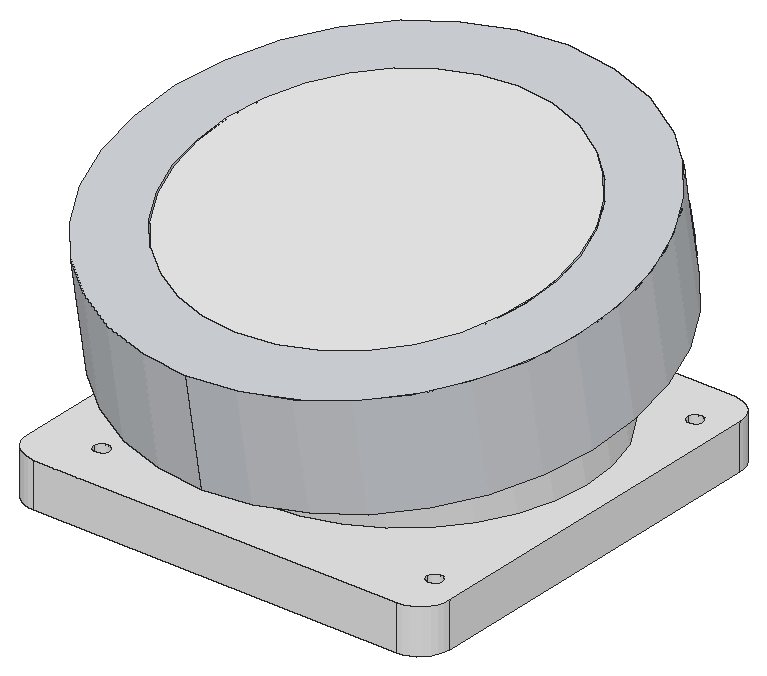
Revit family "Building-IEC309Connections-GEWISS-IEC309HP-10°_FLUSH-MOUNT_SOCKET_125A_IP66-67", category Apparecchi elettrici, host Superficie, Revit 2019
Family settings
  Host = Superficie
  Mantenere orientamento annotazione = Sì
  Quota connettore circolare = Usa diametro
  Tipo di parte = Normale
  Taglio con vuoti quando caricato = No
  Condiviso = Sì
  Punto di calcolo locali = Sì
Parameters (values of type "GW68786 - WT. SOCKET 125A 3P+N+E 400V AUX. CONT.")
  simbolo acceso [instance] = yes
  distanza_simbolo [instance] = 1 mm
  distanza dal piano [instance] = 0 mm
  W = 115 mm  # constant formula
  Version file RFA = "21.11"
  URL = "https://www.gewiss.com/ww/en"
  Typology = "10° angled flush-mounting socket-outlet"
  Type of wiring = "With screw"
  Type of material = ""
  Total number of operations = "-500"
  Thermo-pressure with ball = "125 °C (active parts) - 80 °C (passive parts)"
  Terminal tightening capacity = "16-50mm² flexible cables - 25-70mm² rigid cables"
  Technical sheet = "https://www.gewiss.com/ww/en/search?q=GW68786"
  Spostamento_effettivo_S [instance] = 4000 mm - Spostamento_S  # 3057 mm
  Spostamento_S = 943 mm
  Sportello_visibile = yes
  Shock resistance = "IK08"
  SPinotto = Default(2)
  SEO = "Socket outlet"
  Reference h = "6"
  Realized by GEWISS S.p.A. = ""
  Rated voltage: = ""
  Rated voltage = "380-415V"
  Rated current (A) = "125"
  Default Elevation = 1219.2 mm
  Produttore = "GEWISS S.p.A."
  Piastra = Default(2)
  Operating temperature: = "-25 +55 °C"
  No. of poles = "3P+N+E"
  Modello = "GW68786"
  L = 155 mm  # constant formula
  Insulation resistance = "- 10 M?"
  Immagine tipo = <Nessuno>
  IP degree = "IP67"
  IDT = "f8cfd48370014e8f8fb3c269094b72df"
  IDF = "d570d9ae-38ca-4fd7-91b8-255d427c8406"
  Glow wire test: = "850 °C (active parts) - 650 °C (passive parts)"
  Frequency = "50/60 Hz"
  Flange dimensions (mm) = "114x114"
  FORMULA = 1000 mm * 1  # 1000 mm
  Electrocod = "2211"
  Descrizione = "WT. SOCKET 125A 3P+N+E 400V AUX. CONT."
  Cover dimensions mm = "114x114"
  Corpo centrale = Default(2)
  Colour: = "Red"
  Characteristics = ""
  Catalogue = "BUILDING"
  COBie.Tagnumber = ""
  COBie.CreatedOn = ""
  COBie.CreatebBy = ""
  COBie.ComponentRegisterItemID = ""
  COBie.Component.TagNumber = ""
  COBie.Component.Space = ""
  COBie.Component.SerialNumber = ""
  COBie.Component.InstallationDate = ""
  COBie.Component.Description = ""
  COBie.Component.BarCode = ""
  Breaking capacity at 1.1 Un = "156A"
  BLOCCO = "B=C"
Types (26, lengths in mm): name | Type of wiring | Type of material | Technical sheet | Shock resistance | Reference h | Rated voltage: | Rated voltage | No. of poles | Modello | Immagine tipo | IP degree | IDT | Frequency | Descrizione | Cover dimensions mm | Colour: | Characteristics
  GW62257H - 10°FLUSH.S.O.HP IP67 3P+E 125A 110V 4H | "Mantle terminal" | "Halogen-free in compliance with EN 60754-2" | "https://www.gewiss.com/ww/en/search?q=GW62257H" | "IK09" | "4" | "100 - 130 V" | "" | "3P+E" | "GW62257H" | (empty or 0) | "IP66/IP67" | "9153929fd0f244bbb7c9858763fbe53b" | "50/60 Hz" | "10°FLUSH.S.O.HP IP67 3P+E 125A 110V 4H" | "" | "Yellow" | ""
  GW62258H - 10°FLUSH.S.O.HP IP67 3P+N+E 125A 110V 4H | "Mantle terminal" | "Halogen-free in compliance with EN 60754-2" | "https://www.gewiss.com/ww/en/search?q=GW62258H" | "IK09" | "4" | "100 - 130 V" | "" | "3P+N+E" | "GW62258H" | (empty or 0) | "IP66/IP67" | "18d81827e2834a4eba426d7bd53ed8b3" | "50/60 Hz" | "10°FLUSH.S.O.HP IP67 3P+N+E 125A 110V 4H" | "" | "Yellow" | ""
  GW62259H - 10°FLUSH.S.O.HP IP67 3P+E 125A 230V 9H | "Mantle terminal" | "Halogen-free in compliance with EN 60754-2" | "https://www.gewiss.com/ww/en/search?q=GW62259H" | "IK09" | "9" | "200 - 250 V" | "" | "3P+E" | "GW62259H" | (empty or 0) | "IP66/IP67" | "4e8848fd1a2944289d5955f933e39c62" | "50/60 Hz" | "10°FLUSH.S.O.HP IP67 3P+E 125A 230V 9H" | "" | "Blue" | ""
  GW62260H - 10°FLUSH.S.O.HP IP67 3P+N+E 125A 230V 9H | "Mantle terminal" | "Halogen-free in compliance with EN 60754-2" | "https://www.gewiss.com/ww/en/search?q=GW62260H" | "IK09" | "9" | "200 - 250 V" | "" | "3P+N+E" | "GW62260H" | (empty or 0) | "IP66/IP67" | "7e911d1188d44f49b4206f9dc5ea3ef3" | "50/60 Hz" | "10°FLUSH.S.O.HP IP67 3P+N+E 125A 230V 9H" | "" | "Blue" | ""
  GW62261H - 10°FLUSH.S.O.HP IP67 3P+E 125A 400V 6H | "Mantle terminal" | "Halogen-free in compliance with EN 60754-2" | "https://www.gewiss.com/ww/en/search?q=GW62261H" | "IK09" | "6" | "380 - 415 V" | "" | "3P+E" | "GW62261H" | (empty or 0) | "IP66/IP67" | "d2c81ab0fa1943a09309a98ce7eb34b2" | "50/60 Hz" | "10°FLUSH.S.O.HP IP67 3P+E 125A 400V 6H" | "" | "Red" | ""
  GW62261PH - 10°FLUSH.S.O.HP IP67 3P+E 125A 400V6H PC | "Mantle terminal" | "Halogen-free in compliance with EN 60754-2" | "https://www.gewiss.com/ww/en/search?q=GW62261PH" | "IK09" | "6" | "380 - 415 V" | "" | "3P+E" | "GW62261PH" | (empty or 0) | "IP66/IP67" | "e9c9db9e7e474f7c8cbeed54245d1415" | "50/60 Hz" | "10°FLUSH.S.O.HP IP67 3P+E 125A 400V6H PC" | "" | "Red" | "Pilot contact"
  GW62262H - 10°FLUSH.S.O.HP IP67 3P+N+E 125A 400V 6H | "Mantle terminal" | "Halogen-free in compliance with EN 60754-2" | "https://www.gewiss.com/ww/en/search?q=GW62262H" | "IK09" | "6" | "346 - 415 V" | "" | "3P+N+E" | "GW62262H" | (empty or 0) | "IP66/IP67" | "fecbb6e538794049bba4e8111ba6efe7" | "50/60 Hz" | "10°FLUSH.S.O.HP IP67 3P+N+E 125A 400V 6H" | "" | "Red" | ""
  GW62262PH - 10°FL.S.O.HP IP67 3P+N+E 125A 400V6H PC | "Mantle terminal" | "Halogen-free in compliance with EN 60754-2" | "https://www.gewiss.com/ww/en/search?q=GW62262PH" | "IK09" | "6" | "346 - 415 V" | "" | "3P+N+E" | "GW62262PH" | (empty or 0) | "IP66/IP67" | "8705a0edf0fe476ea741010917bd2fdd" | "50/60 Hz" | "10°FL.S.O.HP IP67 3P+N+E 125A 400V6H PC" | "" | "Red" | "Pilot contact"
  GW62263H - 10°FLUSH.S.O.HP IP67 3P+E 125A 500V 7H | "Mantle terminal" | "Halogen-free in compliance with EN 60754-2" | "https://www.gewiss.com/ww/en/search?q=GW62263H" | "IK09" | "7" | "480 - 500 V" | "" | "3P+E" | "GW62263H" | (empty or 0) | "IP66/IP67" | "efd685968b35496b9c5f0325e42e7454" | "50/60 Hz" | "10°FLUSH.S.O.HP IP67 3P+E 125A 500V 7H" | "" | "Black" | ""
  GW62264H - 10°FLUSH.S.O.HP IP67 3P+N+E 125A 500V 7H | "Mantle terminal" | "Halogen-free in compliance with EN 60754-2" | "https://www.gewiss.com/ww/en/search?q=GW62264H" | "IK09" | "7" | "480 - 500 V" | "" | "3P+N+E" | "GW62264H" | (empty or 0) | "IP66/IP67" | "c8ddd878e5d243669782a113f7de38fc" | "50/60 Hz" | "10°FLUSH.S.O.HP IP67 3P+N+E 125A 500V 7H" | "" | "Black" | ""
  GW62965H - 10°FLUSH.S.O.HP IP67 2P+E 125A 110V 4H | "Mantle terminal" | "Halogen-free in compliance with EN 60754-2" | "https://www.gewiss.com/ww/en/search?q=GW62965H" | "IK09" | "4" | "100 - 130 V" | "" | "2P+E" | "GW62965H" | (empty or 0) | "IP66/IP67" | "ded549a8816e48a38b52cd1baacd2461" | "50/60 Hz" | "10°FLUSH.S.O.HP IP67 2P+E 125A 110V 4H" | "" | "Yellow" | ""
  GW62966H - 10°FLUSH.S.O.HP IP67 2P+E 125A 230V 6H | "Mantle terminal" | "Halogen-free in compliance with EN 60754-2" | "https://www.gewiss.com/ww/en/search?q=GW62966H" | "IK09" | "6" | "200 - 250 V" | "" | "2P+E" | "GW62966H" | (empty or 0) | "IP66/IP67" | "68196559e5b7484180e7938c19e5bf7e" | "50/60 Hz" | "10°FLUSH.S.O.HP IP67 2P+E 125A 230V 6H" | "" | "Blue" | ""
  GW62967H - 10°FLUSH.S.O.HP IP67 2P+E 125A 400V 9H | "Mantle terminal" | "Halogen-free in compliance with EN 60754-2" | "https://www.gewiss.com/ww/en/search?q=GW62967H" | "IK09" | "9" | "380 - 415 V" | "" | "2P+E" | "GW62967H" | (empty or 0) | "IP66/IP67" | "6e30c0cfc2ae406696186958fe416866" | "50/60 Hz" | "10°FLUSH.S.O.HP IP67 2P+E 125A 400V 9H" | "" | "Red" | ""
  GW62968H - 10°FLUSH.S.O.HP IP67 2P+E 125A 500V 7H | "Mantle terminal" | "Halogen-free in compliance with EN 60754-2" | "https://www.gewiss.com/ww/en/search?q=GW62968H" | "IK09" | "7" | "480 - 500 V" | "" | "2P+E" | "GW62968H" | (empty or 0) | "IP66/IP67" | "d711a301b28b4ca5854349d2bb6d442b" | "50/60 Hz" | "10°FLUSH.S.O.HP IP67 2P+E 125A 500V 7H" | "" | "Black" | ""
  GW62969H - 10°FLUSH.S.O.HP IP67 3P+E 125A 690V 5H | "Mantle terminal" | "Halogen-free in compliance with EN 60754-2" | "https://www.gewiss.com/ww/en/search?q=GW62969H" | "IK09" | "5" | "600 - 690 V" | "" | "3P+E" | "GW62969H" | (empty or 0) | "IP66/IP67" | "606cbfd984c84ec3a7217ff640e957fc" | "50/60 Hz" | "10°FLUSH.S.O.HP IP67 3P+E 125A 690V 5H" | "" | "Black" | ""
  GW62970H - 10°FLUSH.S.O.HP IP67 3P+N+E 125A 690V 5H | "Mantle terminal" | "Halogen-free in compliance with EN 60754-2" | "https://www.gewiss.com/ww/en/search?q=GW62970H" | "IK09" | "5" | "600 - 690 V" | "" | "3P+N+E" | "GW62970H" | (empty or 0) | "IP66/IP67" | "8514dc1587d74f32838e088bf48f21c3" | "50/60 Hz" | "10°FLUSH.S.O.HP IP67 3P+N+E 125A 690V 5H" | "" | "Black" | ""
  GW62971H - 10°FLUSH.S.O.HP IP67 2P+E 125A-50V 10H | "Mantle terminal" | "Halogen-free in compliance with EN 60754-2" | "https://www.gewiss.com/ww/en/search?q=GW62971H" | "IK09" | "10" | "-50 V" | "" | "2P+E" | "GW62971H" | (empty or 0) | "IP66/IP67" | "a0d4c1fa2da9439092fa45b4074b259b" | "100 - 300 Hz" | "10°FLUSH.S.O.HP IP67 2P+E 125A >50V 10H" | "" | "Green" | ""
  GW62972H - 10°FLUSH.S.O.HP IP67 3P+E 125A-50V 10H | "Mantle terminal" | "Halogen-free in compliance with EN 60754-2" | "https://www.gewiss.com/ww/en/search?q=GW62972H" | "IK09" | "10" | "-50 V" | "" | "3P+E" | "GW62972H" | (empty or 0) | "IP66/IP67" | "4a55acc16b5d4c03ad886cd07713763c" | "100 - 300 Hz" | "10°FLUSH.S.O.HP IP67 3P+E 125A >50V 10H" | "" | "Green" | ""
  GW62973H - 10°FLUSH.S.O.HP IP67 3P+N+E125A-50V 10H | "Mantle terminal" | "Halogen-free in compliance with EN 60754-2" | "https://www.gewiss.com/ww/en/search?q=GW62973H" | "IK09" | "10" | "-50 V" | "" | "3P+N+E" | "GW62973H" | (empty or 0) | "IP66/IP67" | "a20be8de5ee24003bf2fdf4bf67a3f1b" | "100 - 300 Hz" | "10°FLUSH.S.O.HP IP67 3P+N+E125A >50V 10H" | "" | "Green" | ""
  GW62974H - 10°FLUSH.S.O.HP IP67 2P+E 125A-50V 2H | "Mantle terminal" | "Halogen-free in compliance with EN 60754-2" | "https://www.gewiss.com/ww/en/search?q=GW62974H" | "IK09" | "2" | "-50 V" | "" | "2P+E" | "GW62974H" | (empty or 0) | "IP66/IP67" | "9909a24a2253464788a069cb2f7d57c3" | "-300 - 500 Hz" | "10°FLUSH.S.O.HP IP67 2P+E 125A >50V 2H" | "" | "Green" | ""
  GW62975H - 10°FLUSH.S.O.HP IP67 3P+E 125A-50V 2H | "Mantle terminal" | "Halogen-free in compliance with EN 60754-2" | "https://www.gewiss.com/ww/en/search?q=GW62975H" | "IK09" | "2" | "-50 V" | "" | "3P+E" | "GW62975H" | (empty or 0) | "IP66/IP67" | "60717fa8337a4059814002c5c11fe038" | "-300 - 500 Hz" | "10°FLUSH.S.O.HP IP67 3P+E 125A >50V 2H" | "" | "Green" | ""
  GW62976H - 10°FLUSH.S.O.HP IP67 3P+N+E 125A-50V 2H | "Mantle terminal" | "Halogen-free in compliance with EN 60754-2" | "https://www.gewiss.com/ww/en/search?q=GW62976H" | "IK09" | "2" | "-50 V" | "" | "3P+N+E" | "GW62976H" | (empty or 0) | "IP66/IP67" | "2066129b5dda4ae281336ee109dfd5c7" | "-300 - 500 Hz" | "10°FLUSH.S.O.HP IP67 3P+N+E 125A >50V 2H" | "" | "Green" | ""
  GW62977H - 10°FL.S.O.HP IP67 3P+E 125A 440÷460V11H | "Mantle terminal" | "Halogen-free in compliance with EN 60754-2" | "https://www.gewiss.com/ww/en/search?q=GW62977H" | "IK09" | "11" | "440 - 460 V" | "" | "3P+E" | "GW62977H" | (empty or 0) | "IP66/IP67" | "7b82b1d3c15242c7ba3fead0473eb564" | "60 Hz" | "10°FL.S.O.HP IP67 3P+E 125A 440÷460V11H" | "" | "Red" | ""
  GW62978H - 10°FL.S.O.HP IP67 3P+N+E 125A440÷460V11H | "Mantle terminal" | "Halogen-free in compliance with EN 60754-2" | "https://www.gewiss.com/ww/en/search?q=GW62978H" | "IK09" | "11" | "440 - 460 V" | "" | "3P+N+E" | "GW62978H" | (empty or 0) | "IP66/IP67" | "34756fc183b844dfb286469be3da1c2b" | "60 Hz" | "10°FL.S.O.HP IP67 3P+N+E 125A440÷460V11H" | "" | "Red" | ""
  GW68785 - WT. SOCKET 125A 3P+E 400V AUX. CONT. | "With screw" | "" | "https://www.gewiss.com/ww/en/search?q=GW68785" | "IK08" | "6" | "" | "380-415V" | "3P+E" | "GW68785" | <Nessuno> | "IP67" | "dc369c5c68e54b94ae6354d4f84424f5" | "50/60 Hz" | "WT. SOCKET 125A 3P+E 400V AUX. CONT." | "114x114" | "Red" | ""
  GW68786 - WT. SOCKET 125A 3P+N+E 400V AUX. CONT. | "With screw" | "" | "https://www.gewiss.com/ww/en/search?q=GW68786" | "IK08" | "6" | "" | "380-415V" | "3P+N+E" | "GW68786" | <Nessuno> | "IP67" | "f8cfd48370014e8f8fb3c269094b72df" | "50/60 Hz" | "WT. SOCKET 125A 3P+N+E 400V AUX. CONT." | "114x114" | "Red" | ""
Reference planes
  plane 1 "Centro (Fronte/Retro)": y = 0
  plane 2: z = 0
  plane 3 "Centro (Sinistra/Destra)": x = 0
  plane 4: x = -3000
  plane 5: x = 57
  plane 6: z = 0
Dimensions and locks
  plane 4 to plane 3 "Centro (Sinistra/Destra)" = 3000 mm
  "Spostamento_effettivo_S": plane 4 to plane 5
  "distanza dal piano": plane 6 to plane 2
  aligned and locked: plane 2 to host face
  aligned and locked: level to host face
  aligned and locked: plane 3 "Centro (Sinistra/Destra)" to nested 1
  aligned and locked: plane 1 "Centro (Fronte/Retro)" to nested 1
  aligned and locked: nested 2 to plane 5
  aligned and locked: nested 3 to plane 1 "Centro (Fronte/Retro)"
  aligned and locked: nested 3 to plane 3 "Centro (Sinistra/Destra)"
Automatic sketch dimensions
  host sketch curve to host sketch curve = 2438.4 mm  (x2)
Nested families
  nested 1: "IEC309 PRESE FISSE INCASSO 10' 63A IP66-67_BASE" at (0, 0, 0), type "IEC309 PRESE FISSE INCASSO 10' 63A IP66-67_BASE"
  nested 2: "GWGW62201FH - SIMBOLO_PRESA" at (57, 171.559, 0), visible <- "simbolo acceso", Distanza dal muro <- "distanza_simbolo", type "3P"
    with SIMBOLO ACCESO yes, Distanza dal muro 1 mm
  nested 3: "Famiglia1" at (-8.423, -8.289, 0), type "Famiglia1"
Connectors
  electrical at (37.5, 30, 0)
    settings: on nested 1, index 1, voltage 0 V, apparent load 0 VA, apparent load phase1 0 VA, apparent load phase2 0 VA, apparent load phase3 0 VA, power factor 1, load classification "Altro", number of poles 1, system type 31, power factor state 1, is connector primary yes, connector utility no, sub classification motor no, connector description ""
Definition of nested family "IEC309 PRESE FISSE INCASSO 10' 63A IP66-67_BASE"
  Parameters (values of type "IEC309 PRESE FISSE INCASSO 10' 63A IP66-67_BASE")
    sp_ghiera = 16 mm
    h = 114 mm  # constant formula
    dis_base = 71 mm
    Sportello = yes
    Spinotto = none
    R1 = 48.5 mm
    PIASTRA = none
    Lunghezza totale = 140 mm
    CENTRALE = none
    Bsae = 114 mm  # constant formula
  Reference planes
    plane 1 "Centro (Fronte/Retro)": y = 0
    plane 2: z = 0
    plane 3 "Centro (Sinistra/Destra)": x = 0
    plane 4: x = 114
    plane 5: x = 16
    plane 6: y = 13
    plane 7: x = 106
    plane 8: y = 101
    plane 9: y = 114
    plane 10: y = 50.5
    plane 11: x = 57
    plane 12: z = 12
    plane 13: y = 29
    plane 14: z = 23.239
    plane 15: through (37.5, 29, 1200) normal (-0.766, -0.6428, 0)
    plane 16: through (37.5, 29, 1200) normal (-0.766, 0.6428, 0)
    plane 17: x = 81.483
    plane 18: x = 75.914
    plane 19: x = 38.086
    plane 20: x = 32.517
  Forms (mm)
    Extrusion 1, solid, material <- "PIASTRA"
      sketch origin (0, 0, 0) x (1, 0, 0) y (0, 1, 0)
        loop
          arc (8, 114) -> (2.343, 111.657) -> (0, 106) r 8
          line (0, 106) -> (0, 8)
          arc (0, 8) -> (2.343, 2.343) -> (8, 0) r 8
          line (8, 0) -> (106, 0)
          arc (106, 0) -> (111.657, 2.343) -> (114, 8) r 8
          line (114, 8) -> (114, 106)
          arc (114, 106) -> (111.657, 111.657) -> (106, 114) r 8
          line (106, 114) -> (8, 114)
      from 0 to 12
    Sweep 2, solid, visible <- "Sportello"
      path origin (0, 9.39, 0.733) x (0, 0.999986, 0.005351) y (0, -0.005351, 0.999986)
        loop
          line (48.142, 65.323) -> (53.429, 35.334)
      profile origin (0, 59.906, 51.332) x (0, 0.983865, 0.17891) y (1, 0, 0)
        loop
          circle (-2.622, 57) r 65.5
    Extrusion 3, void
      sketch origin (0, 0, 0) x (1, 0, 0) y (0, 1, 0)
        loop
          circle (16, 101) r 2.072
        loop
          circle (106, 101) r 2.072
        loop
          circle (16, 13) r 2.072
        loop
          circle (106, 13) r 2.072
      from 0 to 12
    Sweep 4, void
      path origin (0, -0.625, 0) x (0, 1, 0) y (0, 0, 1)
        loop
          line (55.227, 65.844) -> (67.026, 0.96)
      profile origin (0, 60.501, 33.402) x (0, 0.983865, 0.17891) y (1, 0, 0)
        loop
          circle (0, 57) r 48.5
    Sweep 5, solid, material <- "PIASTRA"
      path origin (0, 0, 0) x (0, 1, 0) y (0, 0, 1)
        loop
          line (54.602, 65.844) -> (65.792, 8.251)
      profile origin (0, 60.197, 37.047) x (0, 0.981643, 0.190726) y (1, 0, 0)
        loop
          circle (0, 57) r 48.5
    Extrusion 6, solid
      sketch origin (0, 0, 0) x (0, 1, 0) y (0, 0, 1)
        loop
          line (105.864, 12) -> (121.299, 12) -> (131.285, 27.29)
          arc (131.285, 27.29) -> (132.047, 30.032) -> (131.637, 32.848) r 6.895
          arc (131.637, 32.848) -> (129.1, 38.07) -> (123.474, 39.503) r 6.895
          line (123.474, 39.503) -> (100.771, 35.251) -> (105.864, 12)
        loop
          arc (128.473, 33.433) -> (124.04, 36.457) -> (121.012, 32.027) r 3.796
          line (121.012, 32.027) -> (121.435, 29.768)
          arc (121.435, 29.768) -> (125.869, 26.737) -> (128.896, 31.174) r 3.796
          line (128.896, 31.174) -> (128.473, 33.433)
      from 75.914 to 81.483
    Extrusion 7, solid
      sketch origin (114, 0, 0) x (0, 1, 0) y (0, 0, -1)
        loop
          line (105.864, -12) -> (100.771, -35.251) -> (123.474, -39.503)
          arc (123.474, -39.503) -> (129.1, -38.07) -> (131.637, -32.848) r 6.895
          arc (131.637, -32.848) -> (132.047, -30.032) -> (131.285, -27.29) r 6.895
          line (131.285, -27.29) -> (121.299, -12) -> (105.864, -12)
        loop
          line (128.473, -33.433) -> (128.896, -31.174)
          arc (128.896, -31.174) -> (125.869, -26.737) -> (121.435, -29.768) r 3.796
          line (121.435, -29.768) -> (121.012, -32.027)
          arc (121.012, -32.027) -> (124.04, -36.457) -> (128.473, -33.433) r 3.796
      from 75.914 to 81.483
    Extrusion 8, solid
      sketch origin (0, 0, 0) x (0, 1, 0) y (0, 0, 1)
        loop
          line (110.547, 45.065) -> (113.567, 37.648) -> (123.474, 39.503)
          arc (123.474, 39.503) -> (128.638, 38.416) -> (131.52, 33.995) r 6.895
          line (131.52, 33.995) -> (129.933, 42.467)
          arc (129.933, 42.467) -> (129.213, 43.572) -> (127.922, 43.843) r 1.723
          line (127.922, 43.843) -> (125.659, 43.42)
          arc (125.659, 43.42) -> (125.231, 43.512) -> (124.993, 43.879) r 0.575
          line (124.993, 43.879) -> (124.684, 45.505)
          arc (124.684, 45.505) -> (124.463, 45.921) -> (124.005, 46.032) r 0.575
          line (124.005, 46.032) -> (118.581, 45.017)
          arc (118.581, 45.017) -> (118.151, 45.109) -> (117.912, 45.478) r 0.575
          line (117.912, 45.478) -> (117.745, 46.374) -> (110.547, 45.065)
      from 38.086 to 81.483
    Extrusion 9, solid
      sketch origin (0, 0, 0) x (0, 1, 0) y (0, 0, 1)
        loop
          arc (127.114, 33.178) -> (124.291, 35.097) -> (122.373, 32.274) r 2.413
          line (122.373, 32.274) -> (122.795, 30.017)
          arc (122.795, 30.017) -> (125.617, 28.097) -> (127.536, 30.919) r 2.413
          line (127.536, 30.919) -> (127.114, 33.178)
      from 32.517 to 81.483
  Cuts and joins
    Extrusion 3 cuts Extrusion 1
    Sweep 4 cuts Sweep 2
  Dimensions and locks
    "Bsae": plane 3 "Centro (Sinistra/Destra)" to plane 4
    locked: plane 7 to plane 4 at 8
    "h": plane 1 "Centro (Fronte/Retro)" to plane 9
    equal spacing: plane 1 "Centro (Fronte/Retro)", plane 10, plane 8
    equal spacing: plane 3 "Centro (Sinistra/Destra)", plane 11, plane 4
    locked: plane 12 to level at 12
    plane 1 "Centro (Fronte/Retro)" to plane 13 = 29 mm
    plane 14 to plane 12 = 11.239 mm
    plane 9 to plane 8 = 13 mm
    locked: plane 18 to plane 17 at 5.569
    locked: plane 20 to plane 19 at 5.569
    radius of Extrusion 1 sketch curve = 8 mm  (x4)
    "R1": radius of Sweep 4 sketch curve
    "R1": radius of Sweep 5 sketch curve
    aligned and locked: level to plane 2
    aligned and locked: plane 9 to Extrusion 1
    aligned and locked: Extrusion 1 to plane 3 "Centro (Sinistra/Destra)"
    aligned and locked: plane 1 "Centro (Fronte/Retro)" to Extrusion 1
    aligned and locked: Extrusion 1 to plane 4
    aligned and locked: Extrusion 1 to plane 12
    aligned and locked: plane 5 to Extrusion 3 sketch curve  (x2)
    aligned and locked: plane 8 to Extrusion 3 sketch curve  (x2)
    aligned and locked: plane 7 to Extrusion 3 sketch curve  (x2)
    aligned and locked: Extrusion 3 sketch curve to plane 6
    aligned and locked: plane 6 to Extrusion 3 sketch curve
    aligned and locked: Extrusion 1 to Extrusion 3
    aligned and locked: plane 11 to Sweep 2 sketch curve
    aligned and locked: plane 11 to Sweep 4 sketch curve
    aligned and locked: plane 11 to Sweep 5 sketch curve
    aligned and locked: plane 17 to Extrusion 6
    aligned and locked: Extrusion 6 to plane 18
    aligned and locked: plane 19 to Extrusion 7
    aligned and locked: Extrusion 7 to plane 20
    aligned and locked: Extrusion 8 to plane 19
    aligned and locked: plane 17 to Extrusion 8
    aligned and locked: Extrusion 9 to plane 20
    aligned and locked: plane 17 to Extrusion 9
  Automatic sketch dimensions
    Extrusion 1 sketch curve to plane 3 "Centro (Sinistra/Destra)" = 0 mm
    Extrusion 1 sketch curve to plane 7 = 0 mm
    plane 1 "Centro (Fronte/Retro)" to Extrusion 1 sketch curve = 0 mm
    Extrusion 1 sketch curve to plane 9 = 0 mm
    plane 10 to Sweep 2 sketch curve = 6.682 mm
    plane 14 to Sweep 2 sketch curve = 43.074 mm
    Sweep 2 sketch curve to Sweep 2 sketch curve = 5.288 mm
    Sweep 2 sketch curve to Sweep 2 sketch curve = 29.99 mm
    profile plane to Sweep 2 sketch curve = 2.622 mm
    plane 10 to Sweep 4 sketch curve = 4.102 mm
    level to Sweep 4 sketch curve = 0.96 mm
    plane 10 to Sweep 4 sketch curve = 15.901 mm
    plane 14 to Sweep 4 sketch curve = 42.605 mm
    plane 10 to Sweep 5 sketch curve = 4.102 mm
    Sweep 5 sketch curve to plane 12 = 3.749 mm
    plane 10 to Sweep 5 sketch curve = 15.292 mm
    plane 14 to Sweep 5 sketch curve = 42.605 mm
    Extrusion 6 sketch curve to Extrusion 6 sketch curve = 0 mm  (x8)
    Extrusion 6 sketch curve to plane 12 = 0 mm
    Extrusion 6 sketch curve to plane 8 = 0.229 mm
    plane 8 to Extrusion 6 sketch curve = 4.864 mm
    plane 9 to Extrusion 6 sketch curve = 7.012 mm
    plane 9 to Extrusion 6 sketch curve = 7.299 mm
    Extrusion 6 sketch curve to Extrusion 6 sketch curve = 0.423 mm  (x3)
    Extrusion 6 sketch curve to Extrusion 6 sketch curve = 3.731 mm
    plane 14 to Extrusion 6 sketch curve = 10.194 mm
    Extrusion 6 sketch curve to Extrusion 6 sketch curve = 3.73 mm
    plane 14 to Extrusion 6 sketch curve = 7.935 mm
    plane 14 to Extrusion 6 sketch curve = 6.53 mm
    Extrusion 6 sketch curve to Extrusion 6 sketch curve = 2.259 mm
    plane 14 to Extrusion 6 sketch curve = 12.013 mm
    Extrusion 6 sketch curve to Extrusion 6 sketch curve = 1.269 mm
    Extrusion 6 sketch curve to Extrusion 6 sketch curve = 2.389 mm
    plane 14 to Extrusion 6 sketch curve = 4.051 mm
    Extrusion 6 sketch curve to Extrusion 6 sketch curve = 2.741 mm
    Extrusion 7 sketch curve to Extrusion 7 sketch curve = 0 mm  (x7)
    Extrusion 7 sketch curve to plane 12 = 0 mm
    Extrusion 7 sketch curve to plane 8 = 0.229 mm
    plane 8 to Extrusion 7 sketch curve = 4.864 mm
    plane 9 to Extrusion 7 sketch curve = 7.012 mm
    plane 9 to Extrusion 7 sketch curve = 7.299 mm
    Extrusion 7 sketch curve to Extrusion 7 sketch curve = 0.423 mm  (x3)
    Extrusion 7 sketch curve to Extrusion 7 sketch curve = 3.731 mm
    plane 14 to Extrusion 7 sketch curve = 10.194 mm
    Extrusion 7 sketch curve to Extrusion 7 sketch curve = 3.73 mm
    plane 14 to Extrusion 7 sketch curve = 7.935 mm
    plane 14 to Extrusion 7 sketch curve = 12.013 mm
    Extrusion 7 sketch curve to Extrusion 7 sketch curve = 0.707 mm
    Extrusion 7 sketch curve to Extrusion 7 sketch curve = 2.259 mm
    Extrusion 7 sketch curve to Extrusion 7 sketch curve = 1.269 mm
    Extrusion 7 sketch curve to Extrusion 7 sketch curve = 2.389 mm
    plane 14 to Extrusion 7 sketch curve = 4.051 mm
    Extrusion 7 sketch curve to Extrusion 7 sketch curve = 2.741 mm
    Extrusion 7 sketch curve to Extrusion 7 sketch curve = 6.777 mm
    plane 9 to Extrusion 8 sketch curve = 4.477 mm
    Extrusion 8 sketch curve to Extrusion 8 sketch curve = 0.104 mm
    Extrusion 8 sketch curve to Extrusion 8 sketch curve = 5.529 mm
    Extrusion 8 sketch curve to Extrusion 8 sketch curve = 0.573 mm
    plane 9 to Extrusion 8 sketch curve = 10.743 mm
    Extrusion 8 sketch curve to Extrusion 8 sketch curve = 0.873 mm
    Extrusion 8 sketch curve to Extrusion 8 sketch curve = 0.102 mm
    Extrusion 8 sketch curve to Extrusion 8 sketch curve = 2.581 mm
    plane 14 to Extrusion 8 sketch curve = 9.487 mm
    Extrusion 8 sketch curve to Extrusion 8 sketch curve = 9.423 mm
    Extrusion 8 sketch curve to Extrusion 8 sketch curve = 1.27 mm
    Extrusion 8 sketch curve to Extrusion 8 sketch curve = 0.566 mm
    Extrusion 8 sketch curve to Extrusion 8 sketch curve = 1.032 mm
    Extrusion 8 sketch curve to Extrusion 8 sketch curve = 0.037 mm
    Extrusion 8 sketch curve to Extrusion 8 sketch curve = 0.565 mm  (x3)
    Extrusion 8 sketch curve to plane 9 = 0.433 mm
    Extrusion 8 sketch curve to plane 9 = 3.453 mm
    Extrusion 8 sketch curve to Extrusion 8 sketch curve = 2.185 mm
    Extrusion 8 sketch curve to Extrusion 8 sketch curve = 0 mm  (x12)
    Extrusion 8 sketch curve to Extrusion 8 sketch curve = 0.106 mm
    Extrusion 8 sketch curve to Extrusion 8 sketch curve = 0.317 mm  (x2)
    Extrusion 8 sketch curve to Extrusion 8 sketch curve = 1.694 mm
    Extrusion 8 sketch curve to Extrusion 8 sketch curve = 6.777 mm
    Extrusion 8 sketch curve to Extrusion 8 sketch curve = 1.269 mm
    Extrusion 8 sketch curve to Extrusion 8 sketch curve = 7.369 mm
    Extrusion 8 sketch curve to Extrusion 8 sketch curve = 0.413 mm
    Extrusion 8 sketch curve to Extrusion 8 sketch curve = 0.342 mm
    Extrusion 8 sketch curve to Extrusion 8 sketch curve = 0.168 mm
    Extrusion 8 sketch curve to Extrusion 8 sketch curve = 0.896 mm
    plane 9 to Extrusion 9 sketch curve = 10.743 mm
    Extrusion 9 sketch curve to Extrusion 9 sketch curve = 0.423 mm  (x3)
    plane 14 to Extrusion 9 sketch curve = 7.229 mm
    Extrusion 9 sketch curve to Extrusion 9 sketch curve = 2.258 mm
    Extrusion 9 sketch curve to Extrusion 9 sketch curve = 2.371 mm  (x2)
    Extrusion 9 sketch curve to Extrusion 9 sketch curve = 0.451 mm
    Extrusion 9 sketch curve to Extrusion 9 sketch curve = 2.257 mm
    Sweep 4 sketch curve to profile plane = 0 mm
    Sweep 5 sketch curve to profile plane = 0 mm
    radius of Sweep 2 sketch curve = 65.5 mm
    radius of Extrusion 3 sketch curve = 2.072 mm  (x4)
Definition of nested family "GWGW62201FH - SIMBOLO_PRESA"
  Parameters (values of type "3P")
    SIMBOLO ACCESO [instance] = yes
    Distanza dal muro [instance] = 0 mm
  Reference planes
    plane 1: y = 0
    plane 2: x = 0
  Dimensions and locks
    "Distanza dal muro": plane 1 to nested 1
    aligned and locked: plane 2 to nested 1
  Nested families
    nested 1: "GWGW62201FH - SIMBOLO" at (0, 0, 0), visible <- "SIMBOLO ACCESO", type "3P"
  Definition of nested family "GWGW62201FH - SIMBOLO"
    Parameters (values of type "3P")
      CORNICE SIMBOLO [instance] = yes
      3P = yes
    Reference planes
      plane 1: y = 0
      plane 2: x = 0
    Lines and regions (mm)
      detail lines
        curve 1: circle (-0.314, 0.674, 0) r 0.057 normal (0, 0, 1)
        curve 2: arc (0.346, -0.009, 0) -> (0, 0.337, 0) -> (-0.346, -0.009, 0) r 0.346
        curve 3: line (0, 0.337, 0) -> (0.346, 0.337, 0)
        curve 4: line (0, 3.386, 0) -> (0, 0.337, 0)
        curve 5: line (0, 0.337, 0) -> (-0.314, 0.674, 0)
Definition of nested family "Famiglia1"
  Reference planes
    plane 1 "Centro (Fronte/Retro)": y = 0
    plane 2: z = 0
    plane 3 "Centro (Sinistra/Destra)": x = 0
